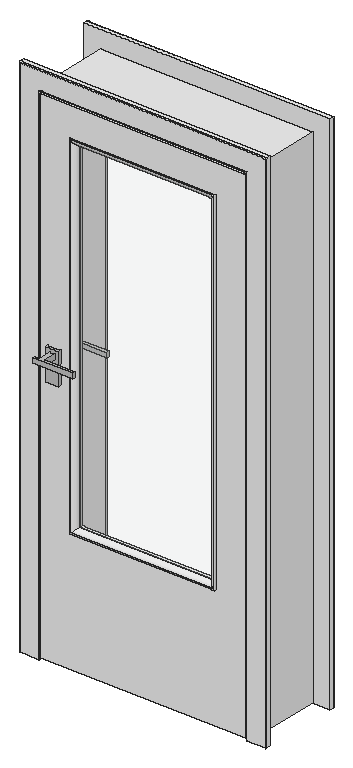
Revit family "cpl_1.3_osc_PSE_pn_bp", category Drzwi, Revit 2014
Parameters (values of type "pn 80")
  wysokość = 2016 mm
  szerokość = 800 mm
  Zakres szerokości muru [instance] = if(and(Grubość ściany > 94 mm, Grubość ściany < 120 mm), "B", (if(and(Grubość ściany > 119 mm, Grubość ściany < 140 mm), "C", (if(and(Grubość ściany > 139 mm, Grubość ściany < 160 mm), "D", (if(and(Grubość ściany > 159 mm, Grubość ściany < 180 mm), "E", (if(and(Grubość ściany > 179 mm, Grubość ściany < 200 mm), "F", (if(and(Grubość ściany > 199 mm, Grubość ściany < 220 mm), "G", (if(and(Grubość ściany > 219 mm, Grubość ściany < 240 mm), "H", (if(and(Grubość ściany > 239 mm, Grubość ściany < 260 mm), "I", (if(and(Grubość ściany > 259 mm, Grubość ściany < 280 mm), "J", (if(and(Grubość ściany > 279 mm, Grubość ściany < 301 mm), "K", "BRAK")))))))))))))))))))  # "K"
  Wysokość brutto = 2060 mm
  Szerokość brutto = szerokość + 80 mm  # 880 mm
  Model = "CPL 1.3"  # constant formula
  Materiał szklenie [instance] = Szkło
  Klamka [instance] = yes
  Grubość ściany [instance] = 300 mm
  Funkcja = Wewnętrzna
  URL = "www.porta.com.pl"
  Ss = 818 mm
  Sb = szerokość + 46 mm  # 846 mm
  Producent = "PORTA KMI POLAND"  # constant formula
  Keynote = ""
  Opis = "Ościeżnica Porta System Elegance"
  Height = 0 mm
  Zakończenie ściany = Wg obiektu nadrzędnego
  Width = 0 mm
  Materiał skrzydło [instance] = Porta - biały
  Materiał ościeżnica [instance] = Porta - biały
  Materiał klamka [instance] = Porta - chrom
  Hs = 2017 mm
Types (6, lengths in mm): name | szerokość | Szerokość brutto | Ss | Sb
  (no name) | 800 | 880 | 818 | 846
  pn 80 | 800 | 880 | 818 | 846
  pn 90 | 900 | 980 | 918 | 946
  pn 100 | 1000 | 1080 | 1018 | 1046
  pn 70 | 700 | 780 | 718 | 746
  pn 60 | 600 | 680 | 618 | 646
Reference planes
  plane 1: y = 0
  plane 2 "Środek (Lewa/Prawa)": x = 0
  plane 3 "Lewy": x = -440
  plane 4 "Prawy": x = 440
  plane 5: z = 2060
  plane 6 "Zewnętrzna": y = 150
  plane 7 "Wewnętrzna": y = -150
  plane 8 "skrzydło": y = -129
  plane 9: y = -169
  plane 10: x = -354
Forms (mm)
  Sweep 1, solid, material "Porta - biały" <- "Materiał ościeżnica"
    path in 3D
      loop
        line (-440, -150, 0) -> (-440, -150, 2060) -> (440, -150, 2060) -> (440, -150, 0)
    profile origin (-440, -150, 1030) x (0, -1, 0) y (1, 0, 0)
      loop
        line (-24, 39) -> (-72, 39) -> (-72, 17) -> (0, 17) -> (0, -53) -> (16, -53)
        arc (16, -53) -> (18.121, -52.121) -> (19, -50) r 3
        line (19, -50) -> (19, 24)
        arc (19, 24) -> (18.121, 26.121) -> (16, 27) r 3
        line (16, 27) -> (-24, 27) -> (-24, 39)
  Sweep 2, solid, material "Porta - biały" <- "Materiał ościeżnica"
    path in 3D
      loop
        line (440, 150, 0) -> (440, 150, 2060) -> (-440, 150, 2060) -> (-440, 150, 0)
    profile origin (-440, 150, 1030) x (1, 0, 0) y (0, 1, 0)
      loop
        line (-53, 0) -> (17, 0) -> (17, -228) -> (39, -228) -> (39, -1)
        arc (39, -1) -> (37.536, 2.536) -> (34, 4) r 5
        line (34, 4) -> (25, 4) -> (25, 16)
        arc (25, 16) -> (24.121, 18.121) -> (22, 19) r 3
        line (22, 19) -> (-50, 19)
        arc (-50, 19) -> (-52.121, 18.121) -> (-53, 16) r 3
        line (-53, 16) -> (-53, 0)
Cuts and joins
  joined: Sweep 1, Sweep 2
Lines and regions (mm)
  Opening 1
    outline origin (-3050, -150, 0) x (1, 0, 0) y (0, 0, 1)
      loop
        line (2610, 0) -> (3490, 0) -> (3490, 2060) -> (2610, 2060) -> (2610, 0)
  sketch lines
    curve 1: line (-440, -150, 0) -> (-440, -150, 2060)
    curve 2: line (-440, -150, 2060) -> (440, -150, 2060)
    curve 3: line (440, -150, 2060) -> (440, -150, 0)
    curve 4: line (-440, 150, 2060) -> (-440, 150, 0)
    curve 5: line (440, 150, 2060) -> (-440, 150, 2060)
    curve 6: line (440, 150, 0) -> (440, 150, 2060)
  symbolic lines, style "Doors"
    curve 7: line (440, -169, 0) -> (440, -987, 0)
    curve 8: line (440, -987, 0) -> (400, -987, 0)
    curve 9: line (400, -987, 0) -> (400, -169, 0)
    curve 10: line (400, -169, 0) -> (440, -169, 0)
  symbolic lines
    curve 11: arc (-409, -169, 0) -> (-169.413, -747.413, 0) -> (409, -987, 0) r 818
Text (mm)
  text "Zewnętrzna" at (-2295.016, 1099.543, 0), in view "Poziom odniesienia"
  text "Zewnętrzna" at (0, 1615.38, 3698.081), in view "Lewy"
  text "Zewnętrzna" at (0, 1036.032, 3874.932), in view "Prawy"
Dimensions and locks
  equal spacing: plane 3 "Lewy", plane 2 "Środek (Lewa/Prawa)", plane 4 "Prawy"
  "Szerokość brutto": plane 3 "Lewy" to plane 4 "Prawy"
  "Wysokość brutto": plane 5 to host wall
  host wall to plane 5 = 2060 mm  (x2)
  locked: plane 6 "Zewnętrzna" to host wall at 0
  locked: plane 7 "Wewnętrzna" to host wall
  "Sb": Sweep 1 to Sweep 1
  locked: Sweep 1 sketch curve to Sweep 1 sketch curve at 22
  locked: Sweep 1 sketch curve to Sweep 1 sketch curve at 70
  locked: Sweep 1 sketch curve to profile plane at 72
  locked: Sweep 2 sketch curve to Sweep 2 sketch curve at 70
  locked: Sweep 2 sketch curve to Sweep 2 sketch curve at 22
  locked: Sweep 2 sketch curve to plane 6 "Zewnętrzna" at 1
  locked: curve 9 to curve 7 at 40
  "Ss": curve 8 to curve 10
  plane 2 "Środek (Lewa/Prawa)" to curve 7 = 440 mm
  locked: plane 7 "Wewnętrzna" to plane 8 "skrzydło" at 21
  equal spacing: nested 1, plane 2 "Środek (Lewa/Prawa)", nested 1
  locked: nested 1 to level at 8
  "Grubość ściany": host wall to host wall
  locked: plane 8 "skrzydło" to plane 9 at 40
  locked: plane 3 "Lewy" to plane 10 at 86
  aligned and locked: plane 3 "Lewy" to Opening 1 sketch curve
  aligned and locked: plane 5 to Opening 1 sketch curve  (x2)
  aligned and locked: Opening 1 sketch curve to plane 4 "Prawy"
  aligned and locked: Opening 1 sketch curve to level
  aligned and locked: plane 1 to host wall
  aligned and locked: Sweep 1 to Sweep 2 sketch curve
  aligned and locked: Sweep 2 sketch curve to cut or joined group of Sweep 1, Sweep 2
  aligned and locked: nested 1 to plane 8 "skrzydło"
  aligned and locked: plane 4 "Prawy" to curve 7
  aligned and locked: plane 9 to curve 10
  aligned and locked: nested 3 to plane 8 "skrzydło"
  aligned and locked: plane 9 to nested 2
  aligned and locked: plane 10 to nested 2
  aligned and locked: nested 3 to plane 10
Automatic sketch dimensions
  Sweep 2 sketch curve to profile plane = 0 mm
  Sweep 2 sketch curve to profile plane = 16 mm
  Sweep 2 sketch curve to Sweep 2 sketch curve = 3 mm
  Sweep 2 sketch curve to Sweep 2 sketch curve = 5 mm
  Sweep 2 sketch curve to profile plane = 4 mm
  Sweep 2 sketch curve to Sweep 2 sketch curve = 8 mm
  Sweep 1 sketch curve to profile plane = 0 mm
  profile plane to Sweep 1 sketch curve = 24 mm
  Sweep 1 sketch curve to profile plane = 16 mm  (x2)
  Sweep 1 sketch curve to Sweep 1 sketch curve = 3 mm
  Sweep 1 sketch curve to profile plane = 53 mm
  Sweep 1 sketch curve to Sweep 1 sketch curve = 7 mm
  plane 9 to curve 11 = 0 mm
  curve 9 to curve 11 = 9 mm
Nested families
  nested 1: "skrzydło" at (0, -135.5, 0), type "skrzydło"
  nested 2: "KLAMKA" at (-344, -169, 1112), Materiał klamki <- "Materiał klamka", visible <- "Klamka", type "KLAMKA"
    with Materiał klamki Porta - chrom
  nested 3: "KLAMKA" at (-344, -129, 1112), Materiał klamki <- "Materiał klamka", visible <- "Klamka", type "KLAMKA"
    with Materiał klamki Porta - chrom
Definition of nested family "skrzydło"
  Parameters (values of type "skrzydło")
    Ss = 818 mm
    Materiał szklenie = Szkło
    Materiał skrzydło = Porta - biały
    Assembly Code = ""
    Hs = 2017 mm
  Reference planes
    plane 1 "Tył": y = 6.5
    plane 2: z = 0
    plane 3 "Środek (Lewa/Prawa)": x = 0
    plane 4 "Lewa": x = -422
    plane 5 "Prawa": x = 422
    plane 6 "Przód": y = -33.5
    plane 7: z = 2038
    plane 8 "Centrum": y = -13.5
    plane 9: z = 8
    plane 10: x = -290
    plane 11: x = 290
    plane 12: z = 1910
    plane 13: z = 496
    plane 14: x = -409
    plane 15: x = 409
    plane 16: z = 2025
  Forms (mm)
    Extrusion 1, solid, material "Porta - biały" <- "Materiał skrzydło"
      sketch origin (0, -33.5, 0) x (-1, 0, 0) y (0, 0, 1)
        loop
          line (422, 2038) -> (-422, 2038) -> (-422, 8) -> (422, 8) -> (422, 2038)
      from 0 to 40
    Sweep 2, void
      path origin (0, 6.5, 0) x (1, 0, 0) y (0, 0, 1)
        loop
          line (422, 0) -> (422, 2038) -> (-422, 2038) -> (-422, 0)
      profile origin (-422, 6.5, 1019) x (0, -1, 0) y (1, 0, 0)
        loop
          line (0, 0) -> (40, 0) -> (40, 13) -> (0, 13) -> (0, 0)
    Extrusion 3, void
      sketch origin (-892.016, -13.5, 1200) x (1, 0, 0) y (0, 0, 1)
        loop
          line (602.016, 710) -> (602.016, -704) -> (1182.016, -704) -> (1182.016, 710) -> (602.016, 710)
      from -20 to 20
    Extrusion 4, solid, material "Szkło" <- "Materiał szklenie"
      sketch origin (-892.016, -13.5, 1200) x (-1, 0, 0) y (0, 0, 1)
        loop
          line (-602.016, 710) -> (-1182.016, 710) -> (-1182.016, -704) -> (-602.016, -704) -> (-602.016, 710)
      from -2 to 2
    Sweep 5, solid, material "Porta - biały" <- "Materiał skrzydło"
      path origin (-892.016, -13.5, 1200) x (-1, 0, 0) y (0, 0, 1)
        loop
          line (-602.016, 710) -> (-1182.016, 710) -> (-1182.016, -704) -> (-602.016, -704) -> (-602.016, 710)
      profile origin (-290, -13.5, 1203) x (0, 1, 0) y (-1, 0, 0)
        loop
          arc (-24.985, -3.759) -> (-17.016, -16.981) -> (-2, -20.566) r 19.963
          line (-2, -20.566) -> (2, -20.566)
          arc (2, -20.566) -> (16.892, -17.071) -> (24.939, -4.061) r 19.963
          arc (24.939, -4.061) -> (23.683, -0.554) -> (20, 0) r 3.629
          line (20, 0) -> (-20, 0)
          arc (-20, 0) -> (-23.563, -0.459) -> (-24.985, -3.759) r 3.629
  Cuts and joins
    Sweep 2, Extrusion 3 cuts Extrusion 1
  Dimensions and locks
    equal spacing: plane 4 "Lewa", plane 3 "Środek (Lewa/Prawa)", plane 5 "Prawa"
    locked: plane 9 to level at 8
    equal spacing: plane 6 "Przód", plane 8 "Centrum", plane 1 "Tył"
    locked: plane 4 "Lewa" to plane 10 at 132
    locked: plane 11 to plane 5 "Prawa" at 132
    plane 7 to plane 12 to plane 13 = 128 mm locked, 1414 mm locked
    locked: plane 4 "Lewa" to plane 14 at 13
    locked: plane 15 to plane 5 "Prawa" at 13
    "Ss": plane 14 to plane 15
    locked: plane 7 to plane 16 at 13
    "Hs": plane 16 to plane 9
    aligned and locked: Extrusion 1 sketch curve to plane 9
    aligned and locked: Extrusion 1 sketch curve to plane 5 "Prawa"
    aligned and locked: Extrusion 1 sketch curve to plane 4 "Lewa"
    aligned and locked: Sweep 2 sketch curve to plane 4 "Lewa"
    aligned and locked: Sweep 2 sketch curve to plane 7
    aligned and locked: Sweep 2 sketch curve to plane 5 "Prawa"
    aligned and locked: level to Sweep 2 sketch curve  (x2)
    aligned and locked: plane 7 to Extrusion 1 sketch curve
    aligned and locked: Extrusion 3 sketch curve to plane 10
    aligned and locked: Extrusion 3 sketch curve to plane 13
    aligned and locked: Extrusion 3 sketch curve to plane 12
    aligned and locked: plane 11 to Extrusion 3 sketch curve
    aligned and locked: plane 10 to Extrusion 4 sketch curve
    aligned and locked: Extrusion 4 sketch curve to plane 11
    aligned and locked: plane 13 to Extrusion 4 sketch curve
    aligned and locked: plane 12 to Extrusion 4 sketch curve
    aligned and locked: plane 10 to Sweep 5 sketch curve
    aligned and locked: plane 12 to Sweep 5 sketch curve
    aligned and locked: plane 13 to Sweep 5 sketch curve
    aligned and locked: Sweep 5 sketch curve to plane 11
  Automatic sketch dimensions
    plane 1 "Tył" to Sweep 2 sketch curve = 0 mm
    Sweep 2 sketch curve to profile plane = 0 mm
    Sweep 2 sketch curve to Sweep 2 sketch curve = 40 mm
    Sweep 2 sketch curve to Sweep 2 sketch curve = 13 mm
    Sweep 5 sketch curve to plane 8 "Centrum" = 21.378 mm
    Sweep 5 sketch curve to Sweep 5 sketch curve = 1.378 mm  (x2)
    Sweep 5 sketch curve to Sweep 5 sketch curve = 14.767 mm  (x2)
    Sweep 5 sketch curve to Sweep 5 sketch curve = 3.233 mm
    Sweep 5 sketch curve to Sweep 5 sketch curve = 4 mm
    Sweep 5 sketch curve to Sweep 5 sketch curve = 10.465 mm
    profile plane to Sweep 5 sketch curve = 20.566 mm
    Sweep 5 sketch curve to Sweep 5 sketch curve = 17.209 mm  (x2)
    Sweep 5 sketch curve to Sweep 5 sketch curve = 2.491 mm
    Sweep 5 sketch curve to Sweep 5 sketch curve = 0 mm
    Sweep 5 sketch curve to Sweep 5 sketch curve = 3.357 mm
Definition of nested family "KLAMKA"
  Parameters (values of type "KLAMKA")
    Materiał klamki [instance] = none
    Assembly Code = ""
    Default Elevation = 1219.2 mm
  Reference planes
    plane 1 "Center (Front/Back)": y = 0
    plane 2: z = 0
    plane 3 "Center (Left/Right)": x = -10
  Forms (mm)
    Extrusion 1, solid, material <- "Materiał klamki"
      sketch origin (0, 0, 0) x (1, 0, 0) y (0, 0, 1)
        loop
          line (-35, -25) -> (15, -25) -> (15, 25) -> (-35, 25) -> (-35, -25)
      from 0 to 10
    Extrusion 2, solid, material <- "Materiał klamki"
      sketch origin (0, 0, 0) x (1, 0, 0) y (0, 1, 0)
        loop
          line (-20, -10) -> (-20, -60) -> (-40, -60) -> (-40, -70) -> (120, -70) -> (120, -60) -> (0, -60) -> (0, -10) -> (-20, -10)
      from -10 to 10
    Extrusion 3, solid, material <- "Materiał klamki"
      sketch origin (0, 0, -8) x (1, 0, 0) y (0, 0, 1)
        loop
          line (-35, -92) -> (15, -92) -> (15, -42) -> (-35, -42) -> (-35, -92)
      from 0 to 10
  Dimensions and locks
    aligned and locked: Extrusion 1 to plane 1 "Center (Front/Back)"
